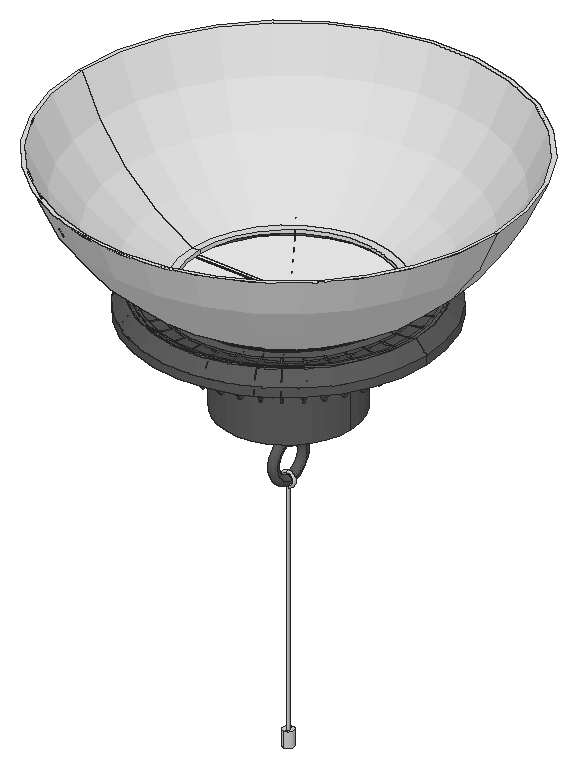
Revit family "0039347+0039356 Feilo Sylvania Lighting Fixture START HIGHBAY 4K 13KLM WIDE with ALU SHADE ALU COLOR FOR 13_19KLM", category Lighting Fixtures, host Face, Revit 2017
Family settings
  Host = Face
  Round Connector Dimension = Use Diameter
  Part Type = Normal
  OmniClass Number = 23.80.70.00
  OmniClass Title = Lighting
  Cut with Voids When Loaded = No
  Light Source = Yes
  Shared = No
  Room Calculation Point = No
Parameters (values of type "0039347+0039356 START HIGHBAY 4K 13KLM WIDE ALU SHADE ALU COLOR FOR 13/19KLM")
  WidthStraight_FEILO = if(SizeS_FEILO, 3 mm, if(SizeM_FEILO, 4 mm, 4.7 mm))  # 3 mm
  WidthRingChamfer_FEILO = if(SizeS_FEILO, 10.3 mm, if(SizeM_FEILO, 11.2 mm, 12.9 mm))  # 10.3 mm
  WidthCurved_FEILO = if(SizeS_FEILO, 17.4 mm, if(SizeM_FEILO, 16.4 mm, 26.2 mm))  # 17.4 mm
  WidthCurvedRing_FEILO = if(SizeS_FEILO, 3 mm, if(SizeM_FEILO, 4 mm, 4.7 mm))  # 3 mm
  WidthBracket_FEILO = 40 mm
  Weight = "3.0 kg"
  Wattage Comments = ""
  Wattage = 100 W
  WarrantyStartDate [instance] = "n/a"
  WarrantyGuarantorParts = "n/a"
  WarrantyDurationUnit = "n/a"
  WarrantyDurationParts = "n/a"
  WarrantyDescription = "n/a"
  built-in parameter 1150110 = 1 (stored number, unit not read)
  Voltage = 230 V
  VisibilityBracket_FEILO = no
  URL = "http://www.sylvania-lighting.com"
  TypeName = "START HIGHBAY 4K 13KLM WIDE ALU SHADE ALU COLOR FOR 13/19KLM"
  Type Image = <None>
  Type Comments = "n/a"
  built-in parameter 1114217 = 1 (stored number, unit not read)
  Tilt Angle = -90.00°
  ThicknessWall_FEILO = 1.5 mm
  ThicknessBracket_FEILO = 1.5 mm
  ThicknessBracketHalf_FEILO = ThicknessBracket_FEILO / 2  # 0.75 mm
  built-in parameter 1150109 = 1 (stored number, unit not read)
  built-in parameter 1150134 = 12
  SuspensionHeight_FEILO [instance] = 400 mm
  built-in parameter 1150113 = 1 (stored number, unit not read)
  SizeS_FEILO = yes
  SizeM_FEILO = no
  ShadeThickness_FEILO = 3 mm
  ShadeSizeSM_FEILO = or(SizeS_FEILO, SizeM_FEILO)  # yes
  ShadeRadiusOut_FEILO = 205 mm
  ShadeRadiusIn_FEILO = if(ShadeSizeSM_FEILO, 95 mm, 121 mm)  # 95 mm
  ShadeRadiusBend_FEILO = if(ShadeSizeSM_FEILO, 210 mm, 210 mm)  # 210 mm
  ShadeHeight_FEILO = if(ShadeSizeSM_FEILO, 120 mm, 151 mm)  # 120 mm
  SerialNumber [instance] = "n/a"
  Rib4_FEILO = if(SizeS_FEILO, 18.1 mm, if(SizeM_FEILO, 13.6 mm, 14.6 mm))  # 18.1 mm
  Rib3_FEILO = if(SizeS_FEILO, 15.3 mm, if(SizeM_FEILO, 17.6 mm, 20.2 mm))  # 15.3 mm
  Rib2_FEILO = if(SizeS_FEILO, 3.6 mm, if(SizeM_FEILO, 3.9 mm, 4.5 mm))  # 3.6 mm
  Rib1_FEILO = if(SizeS_FEILO, 15.1 mm, if(SizeM_FEILO, 16.5 mm, 19 mm))  # 15.1 mm
  RadiusDiffuser_FEILO = if(SizeS_FEILO, 95.2 mm, if(SizeM_FEILO, 105.3 mm, 120 mm))  # 95.2 mm
  RadiusArrayPost_FEILO = DriverRadius_FEILO - 6 mm  # 55.4 mm
  RHRadius3_FEILO = if(SizeS_FEILO, 6.6 mm, if(SizeM_FEILO, 7.4 mm, 8.6 mm))  # 6.6 mm
  RHRadius2_FEILO = if(SizeS_FEILO, 11 mm, if(SizeM_FEILO, 12 mm, 14 mm))  # 11 mm
  RHRadius1_FEILO = if(SizeS_FEILO, 13.6 mm, if(SizeM_FEILO, 14.9 mm, 17.7 mm))  # 13.6 mm
  RHHeight4_FEILO = if(SizeS_FEILO, 7.3 mm, if(SizeM_FEILO, 8 mm, 9.2 mm))  # 7.3 mm
  RHHeight3_FEILO = if(SizeS_FEILO, 3.6 mm, if(SizeM_FEILO, 3.7 mm, 4.6 mm))  # 3.6 mm
  RHHeight2_FEILO = if(SizeS_FEILO, 2 mm, if(SizeM_FEILO, 2.2 mm, 2.6 mm))  # 2 mm
  RHHeight1_FEILO = if(SizeS_FEILO, 11.8 mm, if(SizeM_FEILO, 15.3 mm, 17.4 mm))  # 11.8 mm
  Photometric Web File = "0039347+0039356.ies"
  Material_5_FEILO = Shade-Sylvania-StartHighbay-Alu
  Material_3_FEILO = LED-Sylvania-StartHighbay-Glow
  PowerFactor = 0.95
  PowerConsumption = "100 W"
  NominalLength = 270 mm
  NominalHeight = 170 mm
  NominalDepth = 270 mm
  Name = "START HIGHBAY 4K 13KLM WIDE ALU SHADE ALU COLOR FOR 13/19KLM"
  ModelReference = Name  # "START HIGHBAY 4K 13KLM WIDE ALU SHADE ALU COLOR FOR 13/19KLM"
  ModelNumber = "0039347+0039356"
  Model = Name  # "START HIGHBAY 4K 13KLM WIDE ALU SHADE ALU COLOR FOR 13/19KLM"
  Material = "aluminium alloy housing, polycarbonate diffuser"
  ManufacturerName = "Feilo Sylvania"
  Manufacturer = "Feilo Sylvania"
  LuminousEfficacy = "130 lm/W"
  built-in parameter 1150105 = 7435 (stored number, unit not read)
  Lumens = 13000 lm
  LuminaireType = ""
  built-in parameter 1150115 = 1 (stored number, unit not read)
  LightOutputRatio = "n/a"
  built-in parameter 1150137 = (empty or 0)
  built-in parameter 1150139 = (empty or 0)
  LampsType = Lamp  # "LED"
  LampNominalLuminous = "13000 lm"
  LampMacAdamStep = "n/a"
  LampColourTemperature = "4000 K"
  LampColourRenderingIndex = "80"
  built-in parameter 1150112 = 1 (stored number, unit not read)
  built-in parameter 1150114 = 1 (stored number, unit not read)
  Lamp = "LED"
  Keynote = "16500"
  InstallationDate [instance] = "n/a"
  InputVoltage = "220-240V~"
  InputNominalFrequency = "50/60 Hz"
  built-in parameter 1150132 = (empty or 0)
  built-in parameter 1150102 = (empty or 0)
  built-in parameter 1150107 = 4000 (stored number, unit not read)
  built-in parameter 1150138 = (empty or 0)
  IngressProtection = "IP65"
  ImpactProtectionIndex = "IK08"
  built-in parameter 1150106 = 74.35 (stored number, unit not read)
  IfcExportType = "IfcLightFixtureType"
  IfcExportAs = "IfcLightFixtureType"
  HeightRing_FEILO = if(SizeS_FEILO, 19.8 mm, if(SizeM_FEILO, 32 mm, 36.8 mm))  # 19.8 mm
  HeightRingChamfer_FEILO = if(SizeS_FEILO, 11.7 mm, if(SizeM_FEILO, 23.2 mm, 26.6 mm))  # 11.7 mm
  EyeThickness_FEILO = if(SizeS_FEILO, 8.4 mm, if(SizeM_FEILO, 9.2 mm, 10.5 mm))  # 8.4 mm
  EyeThicknessHalf_FEILO = EyeThickness_FEILO / 2  # 4.2 mm
  EyeInner_FEILO = if(SizeS_FEILO, 13.8 mm, if(SizeM_FEILO, 15.1 mm, 17.3 mm))  # 13.8 mm
  ExpectedLife = 50000
  Emit from Circle Diameter = RadiusDiffuser_FEILO * 2  # 190.4 mm
  Emit Shape Visible in Rendering = no
  ElectricShockClassification = "Class I"
  built-in parameter 1150104 = 12.077 (stored number, unit not read)
  DurationUnit = "hours"
  DriverVerticalStraight_FEILO = if(SizeS_FEILO, 46.5 mm, if(SizeM_FEILO, 49.7 mm, 57 mm))  # 46.5 mm
  DriverVerticalChamfer_FEILO = if(SizeS_FEILO, 7.5 mm, if(SizeM_FEILO, 8.2 mm, 9.5 mm))  # 7.5 mm
  DriverRadius_FEILO = if(SizeS_FEILO, 61.4 mm, if(SizeM_FEILO, 67.2 mm, 76.4 mm))  # 61.4 mm
  DriverRadiusTop_FEILO = if(SizeS_FEILO, 42 mm, if(SizeM_FEILO, 45.3 mm, 52.4 mm))  # 42 mm
  DriverBottom_FEILO = if(SizeS_FEILO, 56 mm, if(SizeM_FEILO, 64.5 mm, 74 mm))  # 56 mm
  DocumentationLiterature = "http://www.sylvania-lighting.com/product/en-int/products/0039347"
  DimmingControlOptions = "n/a"
  Material_2_FEILO = Diffuser-Sylvania-StartHighbay-Transparent
  Radius_FEILO = if(SizeS_FEILO, 135 mm, if(SizeM_FEILO, 148 mm, 169.5 mm))  # 135 mm
  Dimming Lamp Color Temperature Shift = <None>
  DiameterWire_FEILO = 3 mm
  DiameterWireSupport_FEILO = 10 mm
  Description = "START HIGHBAY, includes 1 m cables, black aluminium housing, 13000LM, 100W, 130lm/W, 4000K, Driver current: 2140mA, CR80, 90° beam angle, 1-10V dimmable,  IP65, IK08, 50,000 hrs (L70B50), (LxWxH) 270x270x170mm"
  Default Elevation = 1219.2 mm
  CreatedOn = "2/28/2018"
  CreatedBy = ""
  Cost = 0
  Color Filter = 16777215
  built-in parameter 1114216 [instance] = (empty or 0)
  ClassificationValue = "EF_70_80"
  ClassificationName = "Uniclass2015"
  Material_1_FEILO = Body-Sylvania-StartHighbay-Black
  BarCode [instance] = "n/a"
  built-in parameter 1114218 = 1 (stored number, unit not read)
  built-in parameter 1150133 = 10 (stored number, unit not read)
  AssetType = "Fixed"
  AssetIdentifier [instance] = "n/a"
  Assembly Code = "D5020200"
  Apparent Load = 100 VA
  Material_4_FEILO = Shade-Sylvania-StartHighbay-Alu
Reference planes
  plane 1 "Center (Front/Back)": y = 0
  plane 2: z = 0
  plane 3 "Center (Left/Right)": x = 0
  plane 4: z = 400
  plane 5: x = -135
  plane 6: x = -124.7
  plane 7: z = 388.3
  plane 8: z = 380.2
  plane 9: x = -121.7
  plane 10: z = 397.375
  plane 11: x = -104.3
  plane 12: x = -95.2
  plane 13: x = -118.7
  plane 14: z = 398.375
  plane 15: z = 396.375
  plane 16: x = -92.2
  plane 17: z = 395.375
  plane 18: x = -133.5
  plane 19: x = -119.9
  plane 20: z = 376.6
  plane 21: x = -104.6
  plane 22: z = 358.5
  plane 23: x = -20
  plane 24: z = 344
  plane 25: x = -61.4
  plane 26: z = 297.5
  plane 27: x = -42
  plane 28: z = 290
  plane 29: x = -13.6
  plane 30: z = 278.2
  plane 31: z = 276.2
  plane 32: x = -11
  plane 33: z = 272.6
  plane 34: z = 265.3
  plane 35: x = -6.6
  plane 36: z = 251.5
  plane 37: z = 237.7
  plane 38: x = 4.2
  plane 39: x = -4.2
  plane 40: z = 229.3
  plane 41: z = 233.5
  plane 42: x = -129.1
  plane 43: x = -132.5
  plane 44: z = 378.7
  plane 45: x = -123.2
  plane 46: z = 320.75
  plane 47: y = -20
  plane 48: y = 20
  plane 49: x = 135
  plane 50: x = 124.7
  plane 51: x = 133.5
  plane 52: x = 129.1
  plane 53: x = 132.5
  plane 54: x = 123.2
  plane 55: z = 240.7
  plane 56: y = 1.5
  plane 57: y = -1.5
  plane 58: z = 239.2
  plane 59: z = 227.8
  plane 60: z = 226.3
  plane 61: y = -5
  plane 62: y = 5
  plane 63: z = 14
  plane 64: x = -205
  plane 65: z = 520
  plane 66: x = -95
  plane 67: x = -87
  plane 68: x = -202
  plane 69: z = 403
Forms (mm)
  Revolve 1, solid, material "Body-Sylvania-StartHighbay-Black" <- "Material_1_FEILO", detail levels medium+fine
    sketch origin (0, 0, 0) x (1, 0, 0) y (0, 0, 1)
      loop
        line (-135, 380.2) -> (-133.5, 380.2) -> (-133.5, 387.734) -> (-125.012, 397.375) -> (-118.7, 397.375) -> (-118.7, 399.16)
        arc (-118.7, 399.16) -> (-120.206, 399.56) -> (-121.7, 400) r 58.981
        line (-121.7, 400) -> (-124.241, 400)
        arc (-124.241, 400) -> (-124.657, 399.911) -> (-124.999, 399.66) r 1.015
        line (-124.999, 399.66) -> (-135, 388.3) -> (-135, 380.2)
      axis (0, 400) -> (0, 380.2)
    angle from 360 to 0
  Revolve 2, solid, material "Body-Sylvania-StartHighbay-Black" <- "Material_1_FEILO", detail levels medium+fine
    sketch origin (0, 0, 0) x (1, 0, 0) y (0, 0, 1)
      loop
        line (-104.3, 395.375) -> (-95.2, 395.375) -> (-95.2, 388.3) -> (0, 388.3) -> (0, 395.375) -> (-92.2, 395.375) -> (-92.2, 396.375) -> (-95.2, 396.375) -> (-95.2, 397.375) -> (-104.3, 397.375) -> (-104.3, 395.375)
      axis (0, 397.375) -> (0, 388.3)
    angle from 360 to 0
  Revolve 3, solid, material "Diffuser-Sylvania-StartHighbay-Transparent" <- "Material_2_FEILO", detail levels medium+fine
    sketch origin (0, 0, 0) x (1, 0, 0) y (0, 0, 1)
      loop
        line (-95.2, 396.375) -> (0, 396.375) -> (0, 398.375) -> (-95.2, 398.375) -> (-95.2, 396.375)
      axis (0, 398.375) -> (0, 396.375)
    angle from 360 to 0
  Revolve 4, solid, material "Body-Sylvania-StartHighbay-Black" <- "Material_1_FEILO"
    sketch origin (0, 0, 0) x (1, 0, 0) y (0, 0, 1)
      loop
        line (-61.4, 358.5) -> (-61.4, 297.5) -> (-42, 290) -> (-13.6, 290) -> (-13.6, 278.2) -> (-11, 276.2) -> (-11, 272.6) -> (-7.037, 266.026)
        arc (-7.037, 266.026) -> (-6.49, 265.494) -> (-5.753, 265.3) r 1.5
        line (-5.753, 265.3) -> (0, 265.3) -> (0, 358.5) -> (-61.4, 358.5)
      axis (0, 358.5) -> (0, 265.3)
    angle from 360 to 0
  Revolve 5, solid, material "Body-Sylvania-StartHighbay-Black" <- "Material_1_FEILO"
    sketch origin (0, 0, 0) x (1, 0, 0) y (0, 0, 1)
      loop
        circle (0, 233.5) r 4.2
      axis (4.2, 251.5) -> (-4.2, 251.5)
    angle from 360 to 0
  Extrusion 6, solid, material "Body-Sylvania-StartHighbay-Black" <- "Material_1_FEILO", visible <- "VisibilityBracket_FEILO"
    sketch origin (0, 0, 0) x (1, 0, 0) y (0, 0, 1)
      loop
        line (-132.5, 380.2) -> (-132.5, 378.7) -> (-125.45, 378.7)
        arc (-125.45, 378.7) -> (-124.92, 378.48) -> (-124.7, 377.95) r 0.75
        line (-124.7, 377.95) -> (-124.7, 320.75) -> (-123.2, 320.75) -> (-123.2, 378.7)
        arc (-123.2, 378.7) -> (-123.639, 379.761) -> (-124.7, 380.2) r 1.5
        line (-124.7, 380.2) -> (-132.5, 380.2)
      loop
        line (132.5, 380.2) -> (124.7, 380.2)
        arc (124.7, 380.2) -> (123.639, 379.761) -> (123.2, 378.7) r 1.5
        line (123.2, 378.7) -> (123.2, 320.75) -> (124.7, 320.75) -> (124.7, 377.95)
        arc (124.7, 377.95) -> (124.92, 378.48) -> (125.45, 378.7) r 0.75
        line (125.45, 378.7) -> (132.5, 378.7) -> (132.5, 380.2)
    from -20 to 20
  Extrusion 7, void
    sketch origin (0, 0, 0) x (0, 1, 0) y (0, 0, 1)
      loop
        arc (-10, 320.75) -> (-17.071, 323.679) -> (-20, 330.75) r 10
        line (-20, 330.75) -> (-25, 330.75) -> (-25, 315.75) -> (-10, 315.75) -> (-10, 320.75)
      loop
        line (10, 320.75) -> (10, 315.75) -> (25, 315.75) -> (25, 330.75) -> (20, 330.75)
        arc (20, 330.75) -> (17.071, 323.679) -> (10, 320.75) r 10
    from -124.7 to 124.7
  Revolve 8, solid, material "Body-Sylvania-StartHighbay-Black" <- "Material_1_FEILO", detail levels coarse
    sketch origin (0, 0, 0) x (1, 0, 0) y (0, 0, 1)
      loop
        line (0, 400) -> (-124.7, 400) -> (-135, 388.3) -> (-135, 380.2) -> (-119.9, 380.2) -> (-119.9, 376.6) -> (-104.6, 358.5) -> (0, 358.5) -> (0, 400)
      axis (0, 400) -> (0, 358.5)
    angle from 360 to 0
  Revolve 9, solid
    sketch origin (0, 0, 0) x (0, 1, 0) y (0, 0, 1)
      loop
        circle (0, 239.2) r 1.5
      axis (1.5, 233.5) -> (-1.5, 233.5)
    angle from 360 to 0
  Revolve 10, solid
    sketch origin (0, 0, 0) x (0, 1, 0) y (0, 0, 1)
      loop
        line (0, 0) -> (0, 227.8) -> (-1.5, 227.8) -> (-1.5, 14) -> (-5, 14) -> (-5, 0) -> (0, 0)
      axis (0, 0) -> (0, 227.8)
    angle from 360 to 0
  Revolve 11, solid, material "Shade-Sylvania-StartHighbay-Alu" <- "Material_4_FEILO"
    sketch origin (0, 0, 0) x (1, 0, 0) y (0, 0, 1)
      loop
        line (-95, 400) -> (-87, 400) -> (-87, 403) -> (-94.341, 403)
        arc (-94.341, 403) -> (-159.747, 450.78) -> (-201.81, 520) r 207
        line (-201.81, 520) -> (-205, 520)
        arc (-205, 520) -> (-162.101, 448.908) -> (-95, 400) r 210
      axis (0, 520) -> (0, 400)
    angle from 360 to 0
Cuts and joins
  Extrusion 7 cuts Extrusion 6
Lines and regions (mm)
  reference lines
    curve 1: line (-135, 0, 388.3) -> (-124.7, 0, 400)
    curve 2: line (-104.3, 0, 397.375) -> (0, 0, 397.375)
    curve 3: arc (-104.3, 0, 397.375) -> (-113.098, 0, 398.035) -> (-121.7, 0, 400) r 58.981
    curve 4: line (-124.7, 0, 400) -> (-121.7, 0, 400)
    curve 5: line (-125.012, 0, 397.375) -> (-133.5, 0, 387.734)
    curve 6: line (-119.9, 0, 376.6) -> (-104.6, 0, 358.5)
    curve 7: line (-11, 0, 272.6) -> (-6.6, 0, 265.3)
    curve 8: circle (0, 0, 233.5) r 4.2 normal (0, -1, 0)
    curve 9: arc (-95, 0, 400) -> (-162.101, 0, 448.908) -> (-205, 0, 520) r 210
Dimensions and locks
  "Radius_FEILO": plane 3 "Center (Left/Right)" to plane 5
  "WidthRingChamfer_FEILO": plane 6 to plane 5
  "WidthStraight_FEILO": plane 9 to plane 6
  "WidthCurvedRing_FEILO": plane 13 to plane 9
  locked: plane 10 to plane 15 at 1
  locked: plane 14 to plane 10 at 1
  locked: plane 4 to plane 10 at 2.625
  locked: plane 15 to plane 17 at 1
  "ThicknessWall_FEILO": plane 18 to plane 5
  "ThicknessWall_FEILO": curve 5 to curve 1
  "HeightRingChamfer_FEILO": plane 4 to plane 7
  "HeightRing_FEILO": plane 4 to plane 8
  "RadiusDiffuser_FEILO": plane 3 "Center (Left/Right)" to plane 12
  locked: plane 16 to plane 12 at 3
  "WidthCurved_FEILO": plane 11 to plane 9
  "SuspensionHeight_FEILO": plane 4 to plane 2
  "Rib1_FEILO": plane 19 to plane 5
  "Rib2_FEILO": plane 8 to plane 20
  "Rib3_FEILO": plane 21 to plane 19
  "Rib4_FEILO": plane 20 to plane 22
  locked: plane 3 "Center (Left/Right)" to plane 23 at 20
  "DriverBottom_FEILO": plane 4 to plane 24
  "DriverRadius_FEILO": plane 3 "Center (Left/Right)" to plane 25
  "DriverVerticalStraight_FEILO": plane 24 to plane 26
  "DriverRadiusTop_FEILO": plane 3 "Center (Left/Right)" to plane 27
  "DriverVerticalChamfer_FEILO": plane 26 to plane 28
  "RHRadius1_FEILO": plane 3 "Center (Left/Right)" to plane 29
  "RHHeight2_FEILO": plane 30 to plane 31
  "RHRadius2_FEILO": plane 3 "Center (Left/Right)" to plane 32
  "RHHeight3_FEILO": plane 31 to plane 33
  "RHHeight4_FEILO": plane 33 to plane 34
  "RHRadius3_FEILO": plane 3 "Center (Left/Right)" to plane 35
  "RHHeight1_FEILO": plane 28 to plane 30
  "EyeInner_FEILO": plane 34 to plane 36
  "EyeInner_FEILO": plane 36 to plane 37
  equal spacing: plane 38, plane 3 "Center (Left/Right)", plane 39
  "EyeThickness_FEILO": plane 38 to plane 39
  "EyeThickness_FEILO": plane 37 to plane 40
  equal spacing: plane 37, plane 41, plane 40
  equal spacing: plane 6, plane 42, plane 18
  "ThicknessBracket_FEILO": plane 45 to plane 6
  "ThicknessBracket_FEILO": plane 8 to plane 44
  locked: plane 43 to plane 18 at 1
  equal spacing: plane 24, plane 46, plane 26
  equal spacing: plane 47, plane 1 "Center (Front/Back)", plane 48
  "WidthBracket_FEILO": plane 47 to plane 48
  "WidthRingChamfer_FEILO": plane 50 to plane 49
  "ThicknessWall_FEILO": plane 51 to plane 49
  equal spacing: plane 50, plane 52, plane 51
  "ThicknessBracket_FEILO": plane 54 to plane 50
  locked: plane 53 to plane 51 at 1
  "Radius_FEILO": plane 49 to plane 3 "Center (Left/Right)"
  equal spacing: plane 57, imposter light, plane 56
  "DiameterWire_FEILO": plane 57 to plane 56
  "DiameterWire_FEILO": plane 37 to plane 55
  equal spacing: plane 37, plane 58, plane 55
  "DiameterWire_FEILO": plane 60 to plane 40
  equal spacing: plane 60, plane 59, plane 40
  equal spacing: plane 61, plane 1 "Center (Front/Back)", plane 62
  "DiameterWireSupport_FEILO": plane 61 to plane 62
  locked: plane 63 to plane 2 at 14
  "ShadeRadiusOut_FEILO": plane 3 "Center (Left/Right)" to plane 64
  "ShadeHeight_FEILO": plane 65 to plane 4
  "ShadeRadiusIn_FEILO": plane 3 "Center (Left/Right)" to plane 66
  locked: plane 67 to plane 66 at 8
  "ShadeThickness_FEILO": plane 69 to plane 4
  "ShadeThickness_FEILO": plane 68 to plane 64
  "EyeThicknessHalf_FEILO": radius of curve 8
  "ThicknessBracket_FEILO": radius of Extrusion 6 sketch curve  (x2)
  "ThicknessBracketHalf_FEILO": radius of Extrusion 6 sketch curve  (x2)
  "DiameterWire_FEILO": diameter of Revolve 9 sketch curve
  "ShadeRadiusBend_FEILO": radius of curve 9
  aligned and locked: plane 2 to host face
  aligned and locked: level to host face
  aligned and locked: plane 5 to curve 1
  aligned and locked: plane 6 to curve 1
  aligned and locked: plane 7 to curve 1
  aligned and locked: plane 10 to curve 2
  aligned and locked: plane 9 to curve 3
  aligned and locked: plane 4 to curve 3
  aligned and locked: plane 11 to curve 3
  aligned and locked: plane 4 to curve 4
  aligned and locked: plane 18 to curve 5
  aligned and locked: plane 10 to curve 5
  aligned and locked: Revolve 1 sketch curve to plane 3 "Center (Left/Right)"
  aligned and locked: Revolve 1 sketch curve to curve 3
  aligned and locked: Revolve 1 sketch curve to curve 1
  aligned and locked: plane 4 to Revolve 1 sketch curve
  aligned and locked: plane 9 to Revolve 1 sketch curve
  aligned and locked: Revolve 1 sketch curve to plane 13
  aligned and locked: Revolve 1 sketch curve to plane 10
  aligned and locked: plane 13 to Revolve 1 sketch curve
  aligned and locked: plane 10 to Revolve 1 sketch curve
  aligned and locked: Revolve 1 sketch curve to plane 18
  aligned and locked: Revolve 1 sketch curve to plane 8
  aligned and locked: plane 5 to Revolve 1 sketch curve  (x2)
  aligned and locked: Revolve 2 sketch curve to plane 3 "Center (Left/Right)"
  aligned and locked: plane 11 to Revolve 2 sketch curve
  aligned and locked: Revolve 2 sketch curve to curve 2
  aligned and locked: plane 15 to Revolve 2 sketch curve
  aligned and locked: Revolve 2 sketch curve to plane 16
  aligned and locked: plane 17 to Revolve 2 sketch curve  (x2)
  aligned and locked: Revolve 2 sketch curve to plane 12
  aligned and locked: plane 7 to Revolve 2 sketch curve
  aligned and locked: Revolve 3 sketch curve to plane 3 "Center (Left/Right)"
  aligned and locked: Revolve 3 sketch curve to plane 14
  aligned and locked: plane 3 "Center (Left/Right)" to Revolve 3 sketch curve
  aligned and locked: Revolve 3 sketch curve to plane 12
  aligned and locked: plane 15 to Revolve 3 sketch curve
  aligned and locked: Revolve 1 sketch curve to curve 5
  aligned and locked: plane 22 to curve 6
  aligned and locked: plane 21 to curve 6
  aligned and locked: plane 20 to curve 6
  aligned and locked: plane 19 to curve 6
  aligned and locked: plane 33 to curve 7
  aligned and locked: plane 32 to curve 7
  aligned and locked: plane 35 to curve 7
  aligned and locked: plane 34 to curve 7
  aligned and locked: Revolve 4 sketch curve to plane 3 "Center (Left/Right)"
  aligned and locked: Revolve 4 sketch curve to plane 25
  aligned and locked: plane 27 to Revolve 4 sketch curve
  aligned and locked: plane 28 to Revolve 4 sketch curve
  aligned and locked: plane 30 to Revolve 4 sketch curve
  aligned and locked: Revolve 4 sketch curve to plane 29
  aligned and locked: plane 31 to Revolve 4 sketch curve
  aligned and locked: Revolve 4 sketch curve to curve 7
  aligned and locked: Revolve 4 sketch curve to plane 32
  aligned and locked: plane 34 to Revolve 4 sketch curve
  aligned and locked: plane 3 "Center (Left/Right)" to Revolve 4 sketch curve
  aligned and locked: plane 3 "Center (Left/Right)" to curve 8
  aligned and locked: plane 41 to curve 8
  aligned and locked: Revolve 5 sketch curve to plane 36
  aligned and locked: Revolve 5 sketch curve to curve 8
  aligned and locked: plane 43 to Extrusion 6 sketch curve  (x2)
  aligned and locked: plane 8 to Extrusion 6 sketch curve  (x3)
  aligned and locked: Extrusion 6 sketch curve to plane 45
  aligned and locked: Extrusion 6 sketch curve to plane 46  (x2)
  aligned and locked: plane 6 to Extrusion 6 sketch curve
  aligned and locked: Extrusion 6 sketch curve to plane 44  (x2)
  aligned and locked: Extrusion 6 to plane 48
  aligned and locked: plane 47 to Extrusion 6
  aligned and locked: plane 53 to Extrusion 6 sketch curve
  aligned and locked: plane 50 to Extrusion 6 sketch curve
  aligned and locked: Extrusion 6 sketch curve to plane 54
  aligned and locked: Extrusion 7 sketch curve to Extrusion 7 sketch curve
  aligned and locked: Extrusion 7 to plane 6
  aligned and locked: Extrusion 7 to Extrusion 6
  aligned and locked: Revolve 4 sketch curve to plane 22
  aligned and locked: plane 23 to nested 1
  aligned and locked: plane 1 "Center (Front/Back)" to nested 1
  aligned and locked: Revolve 8 sketch curve to plane 3 "Center (Left/Right)"
  aligned and locked: Revolve 8 sketch curve to plane 4
  aligned and locked: plane 6 to Revolve 8 sketch curve
  aligned and locked: plane 4 to Revolve 8 sketch curve
  aligned and locked: plane 7 to Revolve 8 sketch curve
  aligned and locked: Revolve 8 sketch curve to plane 5
  aligned and locked: plane 8 to Revolve 8 sketch curve  (x2)
  aligned and locked: Revolve 8 sketch curve to plane 19
  aligned and locked: plane 20 to Revolve 8 sketch curve
  aligned and locked: plane 19 to Revolve 8 sketch curve
  aligned and locked: plane 21 to Revolve 8 sketch curve
  aligned and locked: plane 22 to Revolve 8 sketch curve  (x2)
  aligned and locked: Revolve 8 sketch curve to Revolve 8 sketch curve
  aligned and locked: imposter light to plane 4
  aligned and locked: plane 3 "Center (Left/Right)" to imposter light
  aligned and locked: imposter light to plane 1 "Center (Front/Back)"
  aligned and locked: Revolve 9 sketch curve to plane 41
  aligned and locked: Revolve 10 sketch curve to plane 1 "Center (Front/Back)"
  aligned and locked: plane 1 "Center (Front/Back)" to Revolve 10 sketch curve  (x2)
  aligned and locked: host face to Revolve 10 sketch curve
  aligned and locked: plane 63 to Revolve 10 sketch curve
  aligned and locked: Revolve 10 sketch curve to plane 61
  aligned and locked: Revolve 10 sketch curve to plane 57
  aligned and locked: plane 59 to Revolve 10 sketch curve
  aligned and locked: plane 64 to curve 9
  aligned and locked: plane 65 to curve 9
  aligned and locked: plane 66 to curve 9
  aligned and locked: plane 4 to curve 9
  aligned and locked: Revolve 11 sketch curve to curve 9
  aligned and locked: plane 67 to Revolve 11 sketch curve
  aligned and locked: plane 66 to Revolve 11 sketch curve
  aligned and locked: plane 65 to Revolve 11 sketch curve  (x2)
  aligned and locked: Revolve 11 sketch curve to plane 67
  aligned and locked: plane 69 to Revolve 11 sketch curve
Automatic sketch dimensions
  host sketch curve to host sketch curve = 2438.4 mm  (x2)
  Revolve 1 sketch curve to plane 6 = 0.299 mm
  plane 6 to Revolve 1 sketch curve = 0.459 mm
  Revolve 1 sketch curve to level = 609.6 mm
  Revolve 1 sketch curve to Revolve 1 sketch curve = 2312.223 mm
  Revolve 2 sketch curve to plane 12 = 0 mm
  Revolve 2 sketch curve to plane 3 "Center (Left/Right)" = 0 mm
  Revolve 2 sketch curve to level = 609.6 mm
  Revolve 2 sketch curve to plane 4 = 2339.058 mm
  Revolve 3 sketch curve to level = 609.6 mm
  Revolve 3 sketch curve to plane 4 = 2339.058 mm
  Revolve 5 sketch curve to plane 5 = 1080 mm
  plane 38 to Revolve 5 sketch curve = 1219.2 mm
  Extrusion 7 sketch curve to plane 47 = 0 mm
  plane 46 to Extrusion 7 sketch curve = 0 mm  (x2)
  Extrusion 7 sketch curve to plane 48 = 0 mm
  plane 47 to Extrusion 7 sketch curve = 5 mm
  plane 1 "Center (Front/Back)" to Extrusion 7 sketch curve = 10 mm
  Extrusion 7 sketch curve to Extrusion 7 sketch curve = 10 mm
  plane 46 to Extrusion 7 sketch curve = 5 mm
  Extrusion 7 sketch curve to Extrusion 7 sketch curve = 5 mm
  Extrusion 7 sketch curve to plane 48 = 5 mm
  Revolve 4 sketch curve to plane 26 = 0 mm
  Revolve 4 sketch curve to plane 35 = 0.437 mm
  plane 35 to Revolve 4 sketch curve = 0.847 mm
  Revolve 4 sketch curve to plane 34 = 0.726 mm
  plane 40 to Revolve 4 sketch curve = 590.2 mm
  Revolve 4 sketch curve to plane 4 = 2339.058 mm
  Revolve 8 sketch curve to level = 609.6 mm
  Revolve 8 sketch curve to Revolve 8 sketch curve = 2386.058 mm
  Revolve 9 sketch curve to plane 1 "Center (Front/Back)" = 0 mm
  plane 58 to Revolve 9 sketch curve = 0 mm
  plane 47 to Revolve 9 sketch curve = 2534.941 mm
  Revolve 9 sketch curve to plane 48 = 2077.409 mm
  Revolve 10 sketch curve to Revolve 10 sketch curve = 609.6 mm
  Revolve 10 sketch curve to plane 4 = 2123.807 mm
  curve 2 to plane 3 "Center (Left/Right)" = 0 mm
  Revolve 11 sketch curve to Revolve 11 sketch curve = 0 mm  (x2)
  Revolve 11 sketch curve to plane 3 "Center (Left/Right)" = 0 mm
  plane 66 to Revolve 11 sketch curve = 0.659 mm
  Revolve 11 sketch curve to level = 609.6 mm
  Revolve 11 sketch curve to Revolve 11 sketch curve = 2068.248 mm
Nested families
  nested 1: "Start Highbay Rib" at (0, 0, 397.375), type "Type Name", detail levels medium+fine
    with SuspensionHeight_FEILO 2.6 mm
  nested 2: "Start Highbay Rib" at (0, 0, 397.375) x (0.9877, 0.1564, 0) z (0, 0, 1), type "Type Name", detail levels medium+fine
    with SuspensionHeight_FEILO 2.6 mm
  nested 3: "Start Highbay Rib" at (0, 0, 397.375) x (0.9511, 0.309, 0) z (0, 0, 1), type "Type Name", detail levels medium+fine
    with SuspensionHeight_FEILO 2.6 mm
  nested 4: "Start Highbay Rib" at (0, 0, 397.375) x (0.891, 0.454, 0) z (0, 0, 1), type "Type Name", detail levels medium+fine
    with SuspensionHeight_FEILO 2.6 mm
  nested 5: "Start Highbay Rib" at (0, 0, 397.375) x (0.809, 0.5878, 0) z (0, 0, 1), type "Type Name", detail levels medium+fine
    with SuspensionHeight_FEILO 2.6 mm
  nested 6: "Start Highbay Rib" at (0, 0, 397.375) x (0.7071, 0.7071, 0) z (0, 0, 1), type "Type Name", detail levels medium+fine
    with SuspensionHeight_FEILO 2.6 mm
  nested 7: "Start Highbay Rib" at (0, 0, 397.375) x (0.5878, 0.809, 0) z (0, 0, 1), type "Type Name", detail levels medium+fine
    with SuspensionHeight_FEILO 2.6 mm
  nested 8: "Start Highbay Rib" at (0, 0, 397.375) x (0.454, 0.891, 0) z (0, 0, 1), type "Type Name", detail levels medium+fine
    with SuspensionHeight_FEILO 2.6 mm
  nested 9: "Start Highbay Rib" at (0, 0, 397.375) x (0.309, 0.9511, 0) z (0, 0, 1), type "Type Name", detail levels medium+fine
    with SuspensionHeight_FEILO 2.6 mm
  nested 10: "Start Highbay Rib" at (0, 0, 397.375) x (0.1564, 0.9877, 0) z (0, 0, 1), type "Type Name", detail levels medium+fine
    with SuspensionHeight_FEILO 2.6 mm
  nested 11: "Start Highbay Rib" at (0, 0, 397.375) x (0, 1, 0) z (0, 0, 1), type "Type Name", detail levels medium+fine
    with SuspensionHeight_FEILO 2.6 mm
  nested 12: "Start Highbay Rib" at (0, 0, 397.375) x (-0.1564, 0.9877, 0) z (0, 0, 1), type "Type Name", detail levels medium+fine
    with SuspensionHeight_FEILO 2.6 mm
  nested 13: "Start Highbay Rib" at (0, 0, 397.375) x (-0.309, 0.9511, 0) z (0, 0, 1), type "Type Name", detail levels medium+fine
    with SuspensionHeight_FEILO 2.6 mm
  nested 14: "Start Highbay Rib" at (0, 0, 397.375) x (-0.454, 0.891, 0) z (0, 0, 1), type "Type Name", detail levels medium+fine
    with SuspensionHeight_FEILO 2.6 mm
  nested 15: "Start Highbay Rib" at (0, 0, 397.375) x (-0.5878, 0.809, 0) z (0, 0, 1), type "Type Name", detail levels medium+fine
    with SuspensionHeight_FEILO 2.6 mm
  nested 16: "Start Highbay Rib" at (0, 0, 397.375) x (-0.7071, 0.7071, 0) z (0, 0, 1), type "Type Name", detail levels medium+fine
    with SuspensionHeight_FEILO 2.6 mm
  nested 17: "Start Highbay Rib" at (0, 0, 397.375) x (-0.809, 0.5878, 0) z (0, 0, 1), type "Type Name", detail levels medium+fine
    with SuspensionHeight_FEILO 2.6 mm
  nested 18: "Start Highbay Rib" at (0, 0, 397.375) x (-0.891, 0.454, 0) z (0, 0, 1), type "Type Name", detail levels medium+fine
    with SuspensionHeight_FEILO 2.6 mm
  nested 19: "Start Highbay Rib" at (0, 0, 397.375) x (-0.9511, 0.309, 0) z (0, 0, 1), type "Type Name", detail levels medium+fine
    with SuspensionHeight_FEILO 2.6 mm
  nested 20: "Start Highbay Rib" at (0, 0, 397.375) x (-0.9877, 0.1564, 0) z (0, 0, 1), type "Type Name", detail levels medium+fine
    with SuspensionHeight_FEILO 2.6 mm
  nested 21: "Start Highbay Rib" at (0, 0, 397.375) x (-1, 0, 0) z (0, 0, 1), type "Type Name", detail levels medium+fine
    with SuspensionHeight_FEILO 2.6 mm
  nested 22: "Start Highbay Rib" at (0, 0, 397.375) x (-0.9877, -0.1564, 0) z (0, 0, 1), type "Type Name", detail levels medium+fine
    with SuspensionHeight_FEILO 2.6 mm
  nested 23: "Start Highbay Rib" at (0, 0, 397.375) x (-0.9511, -0.309, 0) z (0, 0, 1), type "Type Name", detail levels medium+fine
    with SuspensionHeight_FEILO 2.6 mm
  nested 24: "Start Highbay Rib" at (0, 0, 397.375) x (-0.891, -0.454, 0) z (0, 0, 1), type "Type Name", detail levels medium+fine
    with SuspensionHeight_FEILO 2.6 mm
  nested 25: "Start Highbay Rib" at (0, 0, 397.375) x (-0.809, -0.5878, 0) z (0, 0, 1), type "Type Name", detail levels medium+fine
    with SuspensionHeight_FEILO 2.6 mm
  nested 26: "Start Highbay Rib" at (0, 0, 397.375) x (-0.7071, -0.7071, 0) z (0, 0, 1), type "Type Name", detail levels medium+fine
    with SuspensionHeight_FEILO 2.6 mm
  nested 27: "Start Highbay Rib" at (0, 0, 397.375) x (-0.5878, -0.809, 0) z (0, 0, 1), type "Type Name", detail levels medium+fine
    with SuspensionHeight_FEILO 2.6 mm
  nested 28: "Start Highbay Rib" at (0, 0, 397.375) x (-0.454, -0.891, 0) z (0, 0, 1), type "Type Name", detail levels medium+fine
    with SuspensionHeight_FEILO 2.6 mm
  nested 29: "Start Highbay Rib" at (0, 0, 397.375) x (-0.309, -0.9511, 0) z (0, 0, 1), type "Type Name", detail levels medium+fine
    with SuspensionHeight_FEILO 2.6 mm
  nested 30: "Start Highbay Rib" at (0, 0, 397.375) x (-0.1564, -0.9877, 0) z (0, 0, 1), type "Type Name", detail levels medium+fine
    with SuspensionHeight_FEILO 2.6 mm
  nested 31: "Start Highbay Rib" at (0, 0, 397.375) x (0, -1, 0) z (0, 0, 1), type "Type Name", detail levels medium+fine
    with SuspensionHeight_FEILO 2.6 mm
  nested 32: "Start Highbay Rib" at (0, 0, 397.375) x (0.1564, -0.9877, 0) z (0, 0, 1), type "Type Name", detail levels medium+fine
    with SuspensionHeight_FEILO 2.6 mm
  nested 33: "Start Highbay Rib" at (0, 0, 397.375) x (0.309, -0.9511, 0) z (0, 0, 1), type "Type Name", detail levels medium+fine
    with SuspensionHeight_FEILO 2.6 mm
  nested 34: "Start Highbay Rib" at (0, 0, 397.375) x (0.454, -0.891, 0) z (0, 0, 1), type "Type Name", detail levels medium+fine
    with SuspensionHeight_FEILO 2.6 mm
  nested 35: "Start Highbay Rib" at (0, 0, 397.375) x (0.5878, -0.809, 0) z (0, 0, 1), type "Type Name", detail levels medium+fine
    with SuspensionHeight_FEILO 2.6 mm
  nested 36: "Start Highbay Rib" at (0, 0, 397.375) x (0.7071, -0.7071, 0) z (0, 0, 1), type "Type Name", detail levels medium+fine
    with SuspensionHeight_FEILO 2.6 mm
  nested 37: "Start Highbay Rib" at (0, 0, 397.375) x (0.809, -0.5878, 0) z (0, 0, 1), type "Type Name", detail levels medium+fine
    with SuspensionHeight_FEILO 2.6 mm
  nested 38: "Start Highbay Rib" at (0, 0, 397.375) x (0.891, -0.454, 0) z (0, 0, 1), type "Type Name", detail levels medium+fine
    with SuspensionHeight_FEILO 2.6 mm
  nested 39: "Start Highbay Rib" at (0, 0, 397.375) x (0.9511, -0.309, 0) z (0, 0, 1), type "Type Name", detail levels medium+fine
    with SuspensionHeight_FEILO 2.6 mm
  nested 40: "Start Highbay Rib" at (0, 0, 397.375) x (0.9877, -0.1564, 0) z (0, 0, 1), type "Type Name", detail levels medium+fine
    with SuspensionHeight_FEILO 2.6 mm
Connectors
  electrical at (0, 0, 0), driven by "Apparent Load", driven by "PowerFactor", driven by "Voltage"
    settings: index 1, voltage 230 V, apparent load 100 VA, apparent load phase1 0 VA, apparent load phase2 0 VA, apparent load phase3 0 VA, power factor 0.95, load classification "Lighting", number of poles 1, system type 30, power factor state 1, is connector primary yes, connector utility no, sub classification motor no, connector description ""
Definition of nested family "Start Highbay Rib"
  Parameters (values of type "Type Name")
    WidthStraight_FEILO = if(SizeS_FEILO, 3 mm, if(SizeM_FEILO, 4 mm, 4.7 mm))  # 3 mm
    WidthRingChamfer_FEILO = if(SizeS_FEILO, 10.3 mm, if(SizeM_FEILO, 11.2 mm, 12.9 mm))  # 10.3 mm
    WidthCurved_FEILO = if(SizeS_FEILO, 17.4 mm, if(SizeM_FEILO, 16.4 mm, 26.2 mm))  # 17.4 mm
    WidthCurvedRing_FEILO = if(SizeS_FEILO, 3 mm, if(SizeM_FEILO, 4 mm, 4.7 mm))  # 3 mm
    WidthBracket_FEILO = 40 mm
    URL = "http://www.feilosylvania.com"
    Type Image = (empty or 0)
    Type Comments = "n/a"
    ThicknessWall_FEILO = 1.5 mm
    ThicknessBracket_FEILO = 1.5 mm
    ThicknessBracketHalf_FEILO = ThicknessBracket_FEILO / 2  # 0.75 mm
    SuspensionHeight_FEILO [instance] = 2.6 mm
    SizeS_FEILO = yes
    SizeM_FEILO = no
    Rib4_FEILO = if(SizeS_FEILO, 18.1 mm, if(SizeM_FEILO, 13.6 mm, 14.6 mm))  # 18.1 mm
    Rib3_FEILO = if(SizeS_FEILO, 15.3 mm, if(SizeM_FEILO, 17.6 mm, 20.2 mm))  # 15.3 mm
    Rib2_FEILO = if(SizeS_FEILO, 3.6 mm, if(SizeM_FEILO, 3.9 mm, 4.5 mm))  # 3.6 mm
    Rib1_FEILO = if(SizeS_FEILO, 15.1 mm, if(SizeM_FEILO, 16.5 mm, 19 mm))  # 15.1 mm
    RadiusRib_FEILO = 2 mm
    RadiusDiffuser_FEILO = if(SizeS_FEILO, 95.2 mm, if(SizeM_FEILO, 105.3 mm, 120 mm))  # 95.2 mm
    RHRadius3_FEILO = if(SizeS_FEILO, 6.6 mm, if(SizeM_FEILO, 7.4 mm, 8.6 mm))  # 6.6 mm
    RHRadius2_FEILO = if(SizeS_FEILO, 11 mm, if(SizeM_FEILO, 12 mm, 14 mm))  # 11 mm
    RHRadius1_FEILO = if(SizeS_FEILO, 13.6 mm, if(SizeM_FEILO, 14.9 mm, 17.7 mm))  # 13.6 mm
    RHHeight4_FEILO = if(SizeS_FEILO, 7.3 mm, if(SizeM_FEILO, 8 mm, 9.2 mm))  # 7.3 mm
    RHHeight3_FEILO = if(SizeS_FEILO, 3.6 mm, if(SizeM_FEILO, 3.7 mm, 4.6 mm))  # 3.6 mm
    RHHeight2_FEILO = if(SizeS_FEILO, 2 mm, if(SizeM_FEILO, 2.2 mm, 2.6 mm))  # 2 mm
    RHHeight1_FEILO = if(SizeS_FEILO, 11.8 mm, if(SizeM_FEILO, 15.3 mm, 17.4 mm))  # 11.8 mm
    Material_3_FEILO = none
    Model = ""
    Manufacturer = "Feilo Sylvania"
    Keynote = "16500"
    HeightRing_FEILO = if(SizeS_FEILO, 19.8 mm, if(SizeM_FEILO, 32 mm, 36.8 mm))  # 19.8 mm
    HeightRingChamfer_FEILO = if(SizeS_FEILO, 11.7 mm, if(SizeM_FEILO, 23.2 mm, 26.6 mm))  # 11.7 mm
    EyeThickness_FEILO = if(SizeS_FEILO, 8.4 mm, if(SizeM_FEILO, 9.2 mm, 10.5 mm))  # 8.4 mm
    EyeThicknessHalf_FEILO = EyeThickness_FEILO / 2  # 4.2 mm
    EyeInner_FEILO = if(SizeS_FEILO, 13.8 mm, if(SizeM_FEILO, 15.1 mm, 17.3 mm))  # 13.8 mm
    DriverVerticalStraight_FEILO = if(SizeS_FEILO, 46.5 mm, if(SizeM_FEILO, 49.7 mm, 57 mm))  # 46.5 mm
    DriverVerticalChamfer_FEILO = if(SizeS_FEILO, 7.5 mm, if(SizeM_FEILO, 8.2 mm, 9.5 mm))  # 7.5 mm
    DriverRadius_FEILO = if(SizeS_FEILO, 61.4 mm, if(SizeM_FEILO, 67.2 mm, 76.4 mm))  # 61.4 mm
    DriverRadiusTop_FEILO = if(SizeS_FEILO, 42 mm, if(SizeM_FEILO, 45.3 mm, 52.4 mm))  # 42 mm
    DriverBottom_FEILO = if(SizeS_FEILO, 56 mm, if(SizeM_FEILO, 64.5 mm, 74 mm))  # 56 mm
    Material_2_FEILO = none
    Radius_FEILO = if(SizeS_FEILO, 135 mm, if(SizeM_FEILO, 148 mm, 169.5 mm))  # 135 mm
    Description = ""
    Default Elevation = 1219.2 mm
    Cost = 0
    Material_1_FEILO = none
    Assembly Code = "D5020200"
    Material_4_FEILO = none
  Reference planes
    plane 1 "Center (Front/Back)": y = 0
    plane 2: z = 0
    plane 3 "Center (Left/Right)": x = 0
    plane 4: z = 2.6
    plane 5: x = -135
    plane 6: x = -124.7
    plane 7: z = -9.1
    plane 8: z = -17.2
    plane 9: x = -121.7
    plane 10: z = -0.025
    plane 11: x = -104.3
    plane 12: x = -95.2
    plane 13: x = -118.7
    plane 14: z = 0.975
    plane 15: z = -1.025
    plane 16: x = -92.2
    plane 17: z = -2.025
    plane 18: x = -133.5
    plane 19: x = -119.9
    plane 20: z = -20.8
    plane 21: x = -104.6
    plane 22: z = -38.9
    plane 23: x = -20
    plane 24: z = -53.4
    plane 25: x = -61.4
    plane 26: z = -99.9
    plane 27: x = -42
    plane 28: z = -107.4
    plane 29: x = -13.6
    plane 30: z = -119.2
    plane 31: z = -121.2
    plane 32: x = -11
    plane 33: z = -124.8
    plane 34: z = -132.1
    plane 35: x = -6.6
    plane 36: z = -145.9
    plane 37: z = -159.7
    plane 38: x = 4.2
    plane 39: x = -4.2
    plane 40: z = -168.1
    plane 41: z = -163.9
    plane 42: x = -129.1
    plane 43: x = -132.5
    plane 44: z = -18.7
    plane 45: x = -123.2
    plane 46: z = -76.65
    plane 47: y = -20
    plane 48: y = 20
    plane 49: x = 135
    plane 50: x = 124.7
    plane 51: x = 133.5
    plane 52: x = 129.1
    plane 53: x = 132.5
    plane 54: x = 123.2
    plane 55: y = 0.75
    plane 56: y = -0.75
  Forms (mm)
    Extrusion 1, solid
      sketch origin (4.2, 0, 0) x (1, 0, 0) y (0, 1, 0)
        loop
          line (-1219.2, 1219.2) -> (-1219.2, -1219.2) -> (1219.2, -1219.2) -> (1219.2, 1219.2) -> (-1219.2, 1219.2)
      from 0 to -68.017
    Extrusion 2, solid, material <- "Material_1_FEILO"
      sketch origin (0, 0, 0) x (1, 0, 0) y (0, 0, 1)
        loop
          arc (-104.3, -0.025) -> (-111.555, 0.423) -> (-118.7, 1.76) r 58.981
          line (-118.7, 1.76) -> (-118.7, -0.025) -> (-125.012, -0.025) -> (-133.5, -9.666) -> (-133.5, -17.2) -> (-119.9, -17.2) -> (-119.9, -20.068)
          arc (-119.9, -20.068) -> (-119.778, -20.755) -> (-119.427, -21.359) r 2
          line (-119.427, -21.359) -> (-104.966, -38.467)
          arc (-104.966, -38.467) -> (-104.381, -38.789) -> (-103.723, -38.9) r 2
          line (-103.723, -38.9) -> (-20, -38.9) -> (-20, -9.1) -> (-95.2, -9.1) -> (-95.2, -2.025) -> (-104.3, -2.025) -> (-104.3, -0.025)
      from -0.75 to 0.75
  Lines and regions (mm)
    reference lines
      curve 1: line (-135, 0, -9.1) -> (-124.7, 0, 2.6)
      curve 2: line (-104.3, 0, -0.025) -> (0, 0, -0.025)
      curve 3: arc (-104.3, 0, -0.025) -> (-113.098, 0, 0.635) -> (-121.7, 0, 2.6) r 58.981
      curve 4: line (-124.7, 0, 2.6) -> (-121.7, 0, 2.6)
      curve 5: line (-125.012, 0, -0.025) -> (-133.5, 0, -9.666)
      curve 6: line (-119.9, 0, -20.8) -> (-104.6, 0, -38.9)
  Dimensions and locks
    "Radius_FEILO": plane 3 "Center (Left/Right)" to plane 5
    "WidthRingChamfer_FEILO": plane 6 to plane 5
    "WidthStraight_FEILO": plane 9 to plane 6
    "WidthCurvedRing_FEILO": plane 13 to plane 9
    locked: plane 10 to plane 15 at 1
    locked: plane 14 to plane 10 at 1
    locked: plane 4 to plane 10 at 2.625
    locked: plane 15 to plane 17 at 1
    "ThicknessWall_FEILO": plane 18 to plane 5
    "ThicknessWall_FEILO": curve 5 to curve 1
    "HeightRingChamfer_FEILO": plane 4 to plane 7
    "HeightRing_FEILO": plane 4 to plane 8
    "RadiusDiffuser_FEILO": plane 3 "Center (Left/Right)" to plane 12
    locked: plane 16 to plane 12 at 3
    "WidthCurved_FEILO": plane 11 to plane 9
    "SuspensionHeight_FEILO": plane 4 to plane 2
    "Rib1_FEILO": plane 19 to plane 5
    "Rib2_FEILO": plane 8 to plane 20
    "Rib3_FEILO": plane 21 to plane 19
    "Rib4_FEILO": plane 20 to plane 22
    locked: plane 3 "Center (Left/Right)" to plane 23 at 20
    "DriverBottom_FEILO": plane 4 to plane 24
    "DriverRadius_FEILO": plane 3 "Center (Left/Right)" to plane 25
    "DriverVerticalStraight_FEILO": plane 24 to plane 26
    "DriverRadiusTop_FEILO": plane 3 "Center (Left/Right)" to plane 27
    "DriverVerticalChamfer_FEILO": plane 26 to plane 28
    "RHRadius1_FEILO": plane 3 "Center (Left/Right)" to plane 29
    "RHHeight2_FEILO": plane 30 to plane 31
    "RHRadius2_FEILO": plane 3 "Center (Left/Right)" to plane 32
    "RHHeight3_FEILO": plane 31 to plane 33
    "RHHeight4_FEILO": plane 33 to plane 34
    "RHRadius3_FEILO": plane 3 "Center (Left/Right)" to plane 35
    "RHHeight1_FEILO": plane 28 to plane 30
    "EyeInner_FEILO": plane 34 to plane 36
    "EyeInner_FEILO": plane 36 to plane 37
    equal spacing: plane 38, plane 3 "Center (Left/Right)", plane 39
    "EyeThickness_FEILO": plane 38 to plane 39
    "EyeThickness_FEILO": plane 37 to plane 40
    equal spacing: plane 37, plane 41, plane 40
    equal spacing: plane 6, plane 42, plane 18
    "ThicknessBracket_FEILO": plane 45 to plane 6
    "ThicknessBracket_FEILO": plane 8 to plane 44
    locked: plane 43 to plane 18 at 1
    equal spacing: plane 24, plane 46, plane 26
    equal spacing: plane 47, plane 1 "Center (Front/Back)", plane 48
    "WidthBracket_FEILO": plane 47 to plane 48
    "WidthRingChamfer_FEILO": plane 50 to plane 49
    "ThicknessWall_FEILO": plane 51 to plane 49
    equal spacing: plane 50, plane 52, plane 51
    "ThicknessBracket_FEILO": plane 54 to plane 50
    locked: plane 53 to plane 51 at 1
    "Radius_FEILO": plane 49 to plane 3 "Center (Left/Right)"
    equal spacing: plane 56, plane 1 "Center (Front/Back)", plane 55
    "ThicknessWall_FEILO": plane 56 to plane 55
    "RadiusRib_FEILO": radius of Extrusion 2 sketch curve  (x2)
    aligned and locked: plane 2 to Extrusion 1
    aligned and locked: level to Extrusion 1
    aligned and locked: plane 5 to curve 1
    aligned and locked: plane 6 to curve 1
    aligned and locked: plane 7 to curve 1
    aligned and locked: plane 10 to curve 2
    aligned and locked: plane 9 to curve 3
    aligned and locked: plane 4 to curve 3
    aligned and locked: plane 11 to curve 3
    aligned and locked: plane 4 to curve 4
    aligned and locked: plane 18 to curve 5
    aligned and locked: plane 10 to curve 5
    aligned and locked: plane 22 to curve 6
    aligned and locked: plane 21 to curve 6
    aligned and locked: plane 20 to curve 6
    aligned and locked: plane 19 to curve 6
    aligned and locked: Extrusion 2 sketch curve to plane 23
    aligned and locked: Extrusion 2 sketch curve to plane 22
    aligned and locked: Extrusion 2 sketch curve to curve 6
    aligned and locked: plane 19 to Extrusion 2 sketch curve
    aligned and locked: Extrusion 2 sketch curve to plane 8
    aligned and locked: Extrusion 2 sketch curve to curve 5
    aligned and locked: Extrusion 2 sketch curve to curve 3
    aligned and locked: Extrusion 2 to plane 55
    aligned and locked: plane 56 to Extrusion 2
    aligned and locked: curve 6 to Extrusion 2 sketch curve
  Automatic sketch dimensions
    Extrusion 1 sketch curve to Extrusion 1 sketch curve = 2438.4 mm  (x2)
    curve 2 to plane 3 "Center (Left/Right)" = 0 mm
    Extrusion 2 sketch curve to plane 18 = 0 mm
    Extrusion 2 sketch curve to plane 10 = 0 mm
    Extrusion 2 sketch curve to plane 13 = 0 mm
    Extrusion 2 sketch curve to plane 7 = 0 mm
    Extrusion 2 sketch curve to plane 12 = 0 mm
    Extrusion 2 sketch curve to plane 17 = 0 mm
    plane 19 to Extrusion 2 sketch curve = 0.473 mm
    Extrusion 2 sketch curve to plane 21 = 0.366 mm
